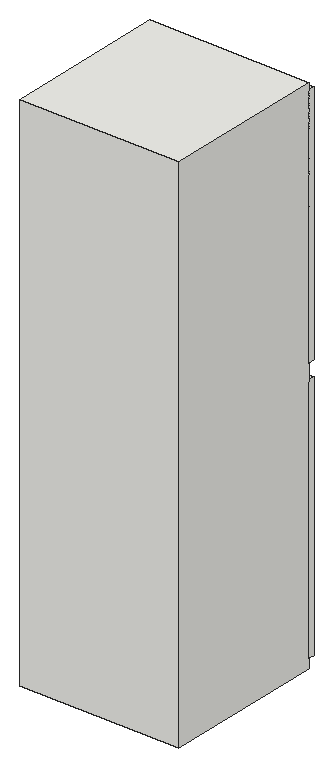
Revit family
Parameters (values of type "540 x 1780 x 550mm")
  Label = "REF."
  Depth = 550 mm
  Height = 1780 mm
  Plinth Height = 160 mm
  Material = Metal - Paint Finish - Ivory, Glossy
  Width = 540 mm
Reference planes
  plane 1: y = 0
  plane 2 "Center": x = -101.255
  plane 3: x = -371.255
  plane 4: x = 168.745
  plane 5: z = 160
  plane 6: z = 1940
  plane 7: z = 1037
  plane 8: z = 1090
  plane 9: z = 1920
  plane 10: z = 192
Forms (mm)
  Extrusion 1, solid, material "Metal - Paint Finish - Ivory, Glossy" <- "Material"
    sketch origin (0, 0, 0) x (1, 0, 0) y (0, 1, 0)
      loop
        line (-371.255, 126) -> (168.745, 126) -> (168.745, 676) -> (-371.255, 676) -> (-371.255, 126)
    from 160 to 1940
  Extrusion 2, solid, material "Metal - Paint Finish - Ivory, Glossy" <- "Material"
    sketch origin (168.745, 676, 1940) x (0, 0, -1) y (-1, 0, 0)
      loop
        line (850, 0) -> (850, 540) -> (20, 540) -> (20, 0) -> (850, 0)
      loop
        line (903, 0) -> (1748, 0) -> (1748, 540) -> (903, 540) -> (903, 0)
    from 0 to 20
Lines and regions (mm)
  model lines
    curve 1: line (168.745, 676, 160) -> (-371.255, 676, 160)
    curve 2: line (168.745, 676, 1037) -> (168.745, 676, 160)
    curve 3: line (-371.255, 676, 1037) -> (168.745, 676, 1037)
    curve 4: line (-371.255, 676, 1090) -> (168.745, 676, 1090)
    curve 5: line (143.745, 696, 1920) -> (143.745, 696, 1090)
    curve 6: line (143.745, 696, 1037) -> (143.745, 696, 192)
    curve 7: line (168.745, 696, 0) -> (-371.255, 696, 0)
    curve 8: line (168.745, 126, 0) -> (168.745, 696, 0)
    curve 9: line (-371.255, 126, 0) -> (168.745, 126, 0)
    curve 10: line (-371.255, 696, 0) -> (-371.255, 126, 0)
    curve 11: line (168.745, 676, 0) -> (-371.255, 676, 0)
Text (mm)
  text "Placement Side" at (0, 1019.848, 3124.603), in view "Right"
  text "Placement Side" at (-1470.991, 1504.18, 0), in view "Ref. Level"
  text "Placement Side" at (0, 1206.291, 2992.028), in view "Left"
Dimensions and locks
  "Width": plane 3 to plane 4
  equal spacing: plane 3, plane 2 "Center", plane 4
  locked: host wall to Extrusion 1 sketch curve at 50
  "Height": plane 5 to plane 6
  "Plinth Height": level to plane 5
  plane 9 to plane 6 = 20 mm
  plane 8 to plane 9 = 830 mm
  plane 7 to plane 8 = 53 mm
  plane 5 to plane 10 = 32 mm
  "Depth": Extrusion 1 sketch curve to Extrusion 1 sketch curve
  locked: Extrusion 2 to Extrusion 1 at 20
  equal spacing: Extrusion 1, nested 1, Extrusion 1
  aligned and locked: plane 3 to Extrusion 1 sketch curve
  aligned and locked: plane 4 to Extrusion 1 sketch curve
  aligned and locked: plane 5 to Extrusion 1
  aligned and locked: curve 1 to Extrusion 1  (x2)
  aligned and locked: plane 3 to curve 4
  aligned and locked: curve 4 to plane 8
  aligned and locked: Extrusion 2 sketch curve to curve 4
  aligned and locked: Extrusion 2 sketch curve to plane 3
  aligned and locked: Extrusion 2 sketch curve to curve 2
  aligned and locked: Extrusion 2 sketch curve to curve 3
  aligned and locked: plane 3 to Extrusion 2 sketch curve
  aligned and locked: Extrusion 2 to Extrusion 1
Automatic sketch dimensions
  curve 5 to plane 9 = 0 mm
  curve 5 to plane 8 = 0 mm
  curve 6 to plane 7 = 0 mm
  curve 6 to plane 10 = 0 mm
  curve 6 to plane 4 = 25 mm
  curve 5 to plane 4 = 25 mm
  curve 4 to plane 4 = 0 mm
  Extrusion 2 sketch curve to plane 4 = 0 mm
  curve 3 to plane 7 = 0 mm
  curve 1 to plane 3 = 0 mm
  curve 3 to plane 3 = 0 mm
  Extrusion 2 sketch curve to plane 10 = 0 mm
  Extrusion 2 sketch curve to plane 9 = 0 mm
  curve 9 to plane 3 = 0 mm
  curve 11 to plane 4 = 0 mm
  host wall to curve 9 = 50 mm
  curve 8 to curve 11 = 550 mm
  curve 11 to curve 10 = 20 mm
Nested families
  nested 1: "M_Label Annotation" at (-101.255, 401, 0), type "M_Label Annotation", detail levels medium+fine
Definition of nested family "M_Label Annotation"
  Parameters
    Label = ""
  Reference planes
    plane 1: y = 0
    plane 2: x = 0
  Text (mm)
    label "Label" at (0.007, 0.129, 0), shows "Label"
